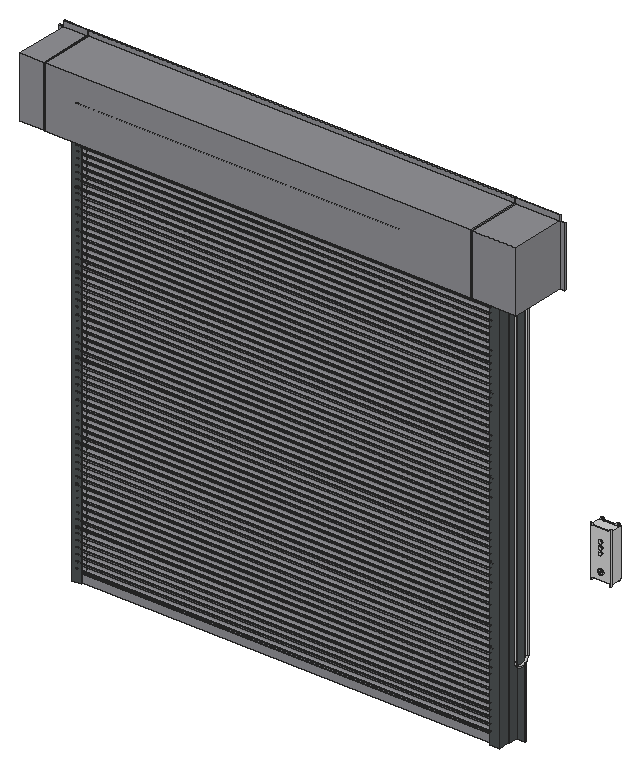
Revit family "Doors_Industrial_Overhead-Door-Corporation_EverServe-HD-Springless-Service-Doors-610S_", category Specialty Equipment, host Wall, Revit 2019
Family settings
  Host = Wall
  Round Connector Dimension = Use Diameter
  Part Type = Normal
  OmniClass Number = 23.30.10.21.34
  OmniClass Title = Industrial Doors
  Always vertical = Yes
  Cut with Voids When Loaded = Yes
  Shared = No
  Room Calculation Point = No
Parameters (values of type "208 volts, one phase, 60 Hz (208-240V range)")
  Warning Sign [instance] = if(Calculated Area > 683.00 SF, 1 = 1, 1 = 2)  # no
  Warning (Note) [instance] = if(Warning Sign, "The Door Area is out of the limit; please adjust accordingly. The maximum allowed area is 683 sq. ft.", if(Opening Height > 360", "Headroom Clearance Dimensions - out of the limits. Consult Factory", " "))  # " "
  Wall Thickness [instance] = 6"
  Voltage = 208 V
  True Opening Width [instance] = Clear Width  # 120"
  True Opening Height [instance] = Clear Height  # 120"
  Slat Type [instance] = if(Slat Option < 2, "C-187", if(Slat Option = 2, "C-275", "F-265"))  # "C-187"
  Slat Option [instance] = 1
  Slat Length [instance] = Clear Width + G Value * 2 - 1" / 2 * 2  # 126"
  Slat Height [instance] = if(Slat < 2, 11 9/32", if(Slat = 2, 13 3/4", 13 19/128"))  # 11 9/32"
  Slat [instance] = if(Slat Option < 2, 1, if(Slat Option = 2, 2, 3))  # 1
  Product Page URL = "https://www.overheaddoor.com/rolling-steel-service-doors-610S"
  Power Factor = 1
  Powder Coat (Note) = "PowderGuard® Premium powder coat finish options are available in approximately 200 colors as well as custom matching to specification. PowderGuard® Textured finish, a thicker, more scratch resistant coat, is available in 11 colors providing enhanced scratch resistance as well as aiding in hiding the dirt and blemishes that often occur in commercial environments.​"  # constant formula
  Opening Width Real [instance] = if(Opening Width > Max Opening Width, Max Opening Width, if(Opening Width < Min Opening Width, Min Opening Width, Opening Width))  # 120"
  Opening Width [instance] = 120"
  Opening Height Real [instance] = if(Opening Height > Max Opening Height, Max Opening Height, if(Opening Height < Min Opening Height, Min Opening Height, Opening Height))  # 120"
  Opening Height [instance] = 120"
  One Array element [instance] = not(Array Vis)  # no
  Number of Poles = 1
  Motor Position [instance] = M Value - G Value  # 2 3/4"
  Min Opening Width [instance] = 18"  # constant formula
  Min Opening Height [instance] = 24"  # constant formula
  Max Opening Width [instance] = 360"  # constant formula
  Max Opening Height [instance] = 240"  # constant formula
  Material Finish (Note) [instance] = "Perforation availible for F-265, C-275 Slat profile. Fenestration 5/8\"x3\" availible for C-275, F-265 Slat profile. Fenestration 1\"x10\" availible for F-265 Slat profile."  # constant formula
  Material Finish [instance] = 610S : Standard - Gray
  M Value [instance] = if(or(Opening Width < 108", Opening Width = 108"), 5 3/4", if(or(Opening Width < 180", Opening Width = 180"), 6 1/4", if(or(Opening Width < 240", Opening Width = 240"), 7 1/4", 9 1/4")))  # 6 1/4"
  Installation Real [instance] = Wall Thickness  # 6"
  Hood Type [instance] = "Square Hood"  # constant formula
  Hood Offset [instance] = 4"  # constant formula
  Hood Material [instance] = Metal - Overhead Door - Gray
  Hood Height [instance] = A Value + 2"  # 18"
  Headroom Height Real [instance] = Hood Offset + Hood Height  # 22"
  Headroom Height [instance] = Headroom Height Real + 1 1/2"  # 23 1/2"
  HC 4 [instance] = if(or(Clear Height < 84", Clear Height = 84"), 16", if(or(Clear Height < 132", Clear Height = 132"), 18", if(or(Clear Height < 192", Clear Height = 192"), 20", 22")))  # 18"
  HC 3 [instance] = if(or(Clear Height < 108", Clear Height = 108"), 16", if(or(Clear Height < 168", Clear Height = 168"), 18", 20"))  # 18"
  HC 2 [instance] = if(or(Clear Height < 60", Clear Height = 60"), 14", if(or(Clear Height < 120", Clear Height = 120"), 16", if(or(Clear Height < 180", Clear Height = 180"), 18", 20")))  # 16"
  HC 1 [instance] = if(or(Clear Height < 96", Clear Height = 96"), 14", if(or(Clear Height < 168", Clear Height = 168"), 16", 18"))  # 16"
  Guide Type [instance] = "Angled Z Guide"  # constant formula
  Guid Depth [instance] = D Value  # 6 1/4"
  G Value [instance] = if(or(Opening Width < 108", Opening Width = 108"), 3", if(or(Opening Width < 180", Opening Width = 180"), 3 1/2", if(or(Opening Width < 240", Opening Width = 240"), 4", 5 9/16")))  # 3 1/2"
  Frequency = 60 Hz
  Face of Wall Offset [instance] = 5"  # constant formula
  Door Width True [instance] = Clear Width + M Value * 2  # 132 1/2"
  Door Width (Real) [instance] = Clear Width + 1"  # 121"
  Door Height True [instance] = Clear Width + Headroom Height  # 143 1/2"
  Door Height (Real) [instance] = Clear Height + Hood Offset  # 124"
  URL = "https://www.overheaddoor.com/"
  Product data url = "https://www.bimobject.com/overhead-door/product/everserve-hd-springless-service-doors-610S"
  Product Guid = "91f23364-070f-47d8-95c2-9245370eaec4"
  Model = "610S"  # constant formula
  Manufacturer = "Overhead Door Corporation"  # constant formula
  Wall Closure = By host
  Floor To (CL) of Shaft [instance] = Clear Height + Hood Height / 2 + Hood Offset  # 133"
  Finish Material = Finish - Overhead Door - Black
  Description = "Everserve Model 610S Springless service door"  # constant formula
  D Value [instance] = if(or(Opening Width < 108", Opening Width = 108"), 5 11/16", if(or(Opening Width < 180", Opening Width = 180"), 6 1/4", if(or(Opening Width < 240", Opening Width = 240"), 6 3/16", 7 1/16")))  # 6 1/4"
  Clear Width [instance] = Opening Width Real  # 120"
  Clear Height [instance] = Opening Height Real  # 120"
  Current = 20 A
  Backroom Depth [instance] = A Value + 1/2"  # 16 1/2"
  BJ Displacement Real [instance] = 0"  # constant formula
  Array Vis [instance] = if(Array < 2, 1 = 2, 1 = 1)  # yes
  Array Real [instance] = if(Array < 2, 2, Array)  # 11
  Array Length [instance] = (Array) * Slat Height  # 124 3/32"
  Array [instance] = rounddown(([Door Height (Real)] - 3") / Slat Height) + 1  # 11
  Calculated Area [instance] = [Door Width (Real)] * [Door Height (Real)]  # 104.194 SF
  Apparent Load Phase 3 = if(Number of Poles = 1, 0 VA, (Voltage * Current * sqrt(3)) / 3)  # 0 VA
  Apparent Load Phase 2 = if(Number of Poles = 1, 0 VA, (Voltage * Current * sqrt(3)) / 3)  # 0 VA
  Apparent Load Phase 1 = if(Number of Poles = 1, Voltage * Current, (Voltage * Current * sqrt(3)) / 3)  # 4160 VA
  A Value [instance] = if(Slat = 1, HC 1, if(Slat = 2, HC 2, HC 3))  # 16"
Reference planes (in)
  plane 1 "Center (Front/Back)": y = -14.625
  plane 2 "Center (Left/Right)": x = 0
  plane 3 "Left": x = -60
  plane 4 "Right": x = 60
  plane 5 "Exterior": y = -8.625
  plane 6 "Interior": y = -14.625
  plane 7: x = 66.25
  plane 8: x = -66.25
  plane 9: z = 120
  plane 10 "Main": y = -20.23437
  plane 11 "Backroom Depth": y = -32.125
  plane 12 "Main Door Block": y = -15.625
  plane 13 "Bottom Bar": z = 2.75
  plane 14: y = -20.875
  plane 15: z = 126.84375
  plane 16: z = 142
  plane 17: z = 124
  plane 18: z = 143.5
  plane 19: z = 0
  plane 20: z = 60
  plane 21: y = -20.0625
  plane 22: y = 18.375
  plane 23: y = -41.625
  plane 24 "Double Main": y = -19.656
  plane 25 "Headroom Top": z = 143.5
  plane 26: z = 133
  plane 27: x = 63.5
  plane 28: x = -63.5
  plane 29: z = 115.5625
Forms (in)
  Extrusion 1, void
    sketch origin (0, -15.625, 0) x (0, 0, -1) y (-1, 0, 0)
      loop
        line (-120, 60) -> (-120, -60) -> (0, -60) -> (0, 60) -> (-120, 60)
    from 1 to 7
Text (in)
  text "Exterior" at (-74.96733, 27.31104, 0), in view "Ref. Level"
  text "Interior" at (-74.96733, -25.14366, 0), in view "Ref. Level"
  text "Exterior" at (0, 40.15149, 123.01588), in view "Right"
  text "Interior" at (0, -64.39139, 123.01588), in view "Right"
  text "Interior" at (0, -31.01599, 123.00693), in view "Left"
  text "Exterior" at (0, 54.57065, 123.00693), in view "Left"
Dimensions and locks (in)
  equal spacing: plane 3 "Left", plane 2 "Center (Left/Right)", plane 4 "Right"
  "Clear Width": plane 3 "Left" to plane 4 "Right"
  level to host wall = 459.59655"
  "Clear Height": level to plane 9
  plane 7 to plane 8 = 132 1/2"
  equal spacing: plane 7, plane 2 "Center (Left/Right)", plane 8
  locked: plane 13 "Bottom Bar" to level at 2.75
  "Door Width True": plane 7 to plane 8
  locked: plane 14 to plane 10 "Main" at 0.64063
  "Array Length": plane 15 to plane 13 "Bottom Bar"
  "Backroom Depth": plane 11 "Backroom Depth" to plane 12 "Main Door Block"
  "Hood Height": plane 16 to plane 17
  locked: plane 18 to plane 16 at 1.5
  "Installation Real": plane 1 "Center (Front/Back)" to plane 5 "Exterior"
  "Wall Thickness": host wall to host wall
  equal spacing: plane 9, plane 20, plane 19
  locked: plane 10 "Main" to plane 21 at 0.17187
  equal spacing: plane 22, host wall, plane 23
  locked: plane 22 to plane 23 at 60
  locked: plane 10 "Main" to plane 24 "Double Main" at 0.57837
  "Hood Offset": plane 17 to plane 9
  "Headroom Height": plane 25 "Headroom Top" to plane 9
  "Floor To (CL) of Shaft": plane 26 to level
  "Motor Position": plane 7 to plane 27
  "Motor Position": plane 28 to plane 8
  "Guid Depth": plane 14 to plane 1 "Center (Front/Back)"
  "Slat Height": plane 15 to plane 29
  equal spacing: group 2, group 11, group 10, group 9, group 8, group 7, group 6, group 5, group 4, group 3, group 1
  equal spacing: group 1, group 3, group 4, group 5, group 6, group 7, group 8, group 9, group 10, group 11, group 2  (x2)
  aligned and locked: plane 5 "Exterior" to host wall
  aligned and locked: host wall to plane 6 "Interior"
  aligned and locked: level to Extrusion 1 sketch curve
  aligned and locked: Extrusion 1 to plane 5 "Exterior"
  aligned and locked: plane 6 "Interior" to Extrusion 1
  aligned and locked: nested 1 to plane 2 "Center (Left/Right)"
  aligned and locked: nested 1 to level
  aligned and locked: level to plane 19
  aligned and locked: nested 1 to plane 1 "Center (Front/Back)"
  aligned and locked: plane 2 "Center (Left/Right)" to nested 2
  aligned and locked: nested 2 to plane 22
  aligned and locked: plane 23 to nested 3
  aligned and locked: nested 3 to plane 2 "Center (Left/Right)"
  aligned and locked: nested 4 to plane 20
  aligned and locked: plane 2 "Center (Left/Right)" to nested 4
  aligned and locked: plane 13 "Bottom Bar" to nested 5
  aligned and locked: plane 29 to nested 7
  aligned and locked: nested 7 to plane 21
  aligned and locked: plane 21 to nested 5
  aligned and locked: plane 13 "Bottom Bar" to nested 6
  aligned and locked: plane 21 to nested 6
  aligned and locked: nested 4 to plane 21
  aligned and locked: plane 4 "Right" to Extrusion 1 sketch curve
  aligned and locked: plane 3 "Left" to Extrusion 1 sketch curve
  aligned and locked: Extrusion 1 sketch curve to plane 9
Nested families (in)
  nested 1: "Lifts" at (0, -14.625, 0), type "Frame Unit"
    with Square Hood yes, Round Hood no, Right Motor Position yes, Octagon Hood no, No Hood no, M Value 6 1/4", Hood Offset 4", Headroom Height Real 22", G Value 3 1/2", Headroom Height 22", Guide Offset 3 1/2", Guide Z Wide 2 3/4", Floor To (CL) of Shaft 133", D Value 6 1/4"
  nested 2: "Label Annotation 1" at (0, 18.375, 0), visible <- "Warning Sign", type "Label Annotation 1"
  nested 3: "Label Annotation 1" at (0, -41.625, 0) x (-1, 0, 0) z (0, 0, 1), visible <- "Warning Sign", type "Label Annotation 1"
  nested 4: "Warning Sign" at (0, -20.0625, 60), visible <- "Warning Sign", type "Warning Sign"
    with Warning Sign no
  nested 5: "610S" at (0, -20.0625, 2.75), Slat Option <- "Slat Option", Opening Width <- "Slat Length", type <- "Material Finish", visible <- "Array Vis", type "Standard - Gray"
    with Void Offset 1", Void Height 1", Slat Width 0.53", Slat Position + Offset 12.174", Slat Position 11.28", Slat Option 1, Opening Width 126", Integrated Cutout no, F 265, FE 265 no, Cutout Width Offset 1", Cutout Vertical Offset 0.894", Cutout Horizontal Offset 1", C 275 no, C 187 Standard yes
  nested 6: "610S" at (0, -20.0625, 2.75), visible <- "One Array element", Slat Option <- "Slat Option", Opening Width <- "Slat Length", type <- "Material Finish", type "Standard - Gray"
    with Void Offset 1", Void Height 1", Slat Width 0.53", Slat Position + Offset 12.174", Slat Position 11.28", Slat Option 1, Opening Width 126", Integrated Cutout no, F 265, FE 265 no, Cutout Width Offset 1", Cutout Vertical Offset 0.894", Cutout Horizontal Offset 1", C 275 no, C 187 Standard yes
  nested 7: "610S" at (0, -20.0625, 115.5625), Slat Option <- "Slat Option", Opening Width <- "Slat Length", type <- "Material Finish", visible <- "Array Vis", type "Standard - Gray"
    with Void Offset 1", Void Height 1", Slat Width 0.53", Slat Position + Offset 12.174", Slat Position 11.28", Slat Option 1, Opening Width 126", Integrated Cutout no, F 265, FE 265 no, Cutout Width Offset 1", Cutout Vertical Offset 0.894", Cutout Horizontal Offset 1", C 275 no, C 187 Standard yes
  nested 8: "610S" at (0, -20.0625, 14.03125), Slat Option <- "Slat Option", Opening Width <- "Slat Length", type <- "Material Finish", visible <- "Array Vis", type "Standard - Gray"
    with Void Offset 1", Void Height 1", Slat Width 0.53", Slat Position + Offset 12.174", Slat Position 11.28", Slat Option 1, Opening Width 126", Integrated Cutout no, F 265, FE 265 no, Cutout Width Offset 1", Cutout Vertical Offset 0.894", Cutout Horizontal Offset 1", C 275 no, C 187 Standard yes
  nested 9: "610S" at (0, -20.0625, 25.3125), Slat Option <- "Slat Option", Opening Width <- "Slat Length", type <- "Material Finish", visible <- "Array Vis", type "Standard - Gray"
    with Void Offset 1", Void Height 1", Slat Width 0.53", Slat Position + Offset 12.174", Slat Position 11.28", Slat Option 1, Opening Width 126", Integrated Cutout no, F 265, FE 265 no, Cutout Width Offset 1", Cutout Vertical Offset 0.894", Cutout Horizontal Offset 1", C 275 no, C 187 Standard yes
  nested 10: "610S" at (0, -20.0625, 36.59375), Slat Option <- "Slat Option", Opening Width <- "Slat Length", type <- "Material Finish", visible <- "Array Vis", type "Standard - Gray"
    with Void Offset 1", Void Height 1", Slat Width 0.53", Slat Position + Offset 12.174", Slat Position 11.28", Slat Option 1, Opening Width 126", Integrated Cutout no, F 265, FE 265 no, Cutout Width Offset 1", Cutout Vertical Offset 0.894", Cutout Horizontal Offset 1", C 275 no, C 187 Standard yes
  nested 11: "610S" at (0, -20.0625, 47.875), Slat Option <- "Slat Option", Opening Width <- "Slat Length", type <- "Material Finish", visible <- "Array Vis", type "Standard - Gray"
    with Void Offset 1", Void Height 1", Slat Width 0.53", Slat Position + Offset 12.174", Slat Position 11.28", Slat Option 1, Opening Width 126", Integrated Cutout no, F 265, FE 265 no, Cutout Width Offset 1", Cutout Vertical Offset 0.894", Cutout Horizontal Offset 1", C 275 no, C 187 Standard yes
  nested 12: "610S" at (0, -20.0625, 59.15625), Slat Option <- "Slat Option", Opening Width <- "Slat Length", type <- "Material Finish", visible <- "Array Vis", type "Standard - Gray"
    with Void Offset 1", Void Height 1", Slat Width 0.53", Slat Position + Offset 12.174", Slat Position 11.28", Slat Option 1, Opening Width 126", Integrated Cutout no, F 265, FE 265 no, Cutout Width Offset 1", Cutout Vertical Offset 0.894", Cutout Horizontal Offset 1", C 275 no, C 187 Standard yes
  nested 13: "610S" at (0, -20.0625, 70.4375), Slat Option <- "Slat Option", Opening Width <- "Slat Length", type <- "Material Finish", visible <- "Array Vis", type "Standard - Gray"
    with Void Offset 1", Void Height 1", Slat Width 0.53", Slat Position + Offset 12.174", Slat Position 11.28", Slat Option 1, Opening Width 126", Integrated Cutout no, F 265, FE 265 no, Cutout Width Offset 1", Cutout Vertical Offset 0.894", Cutout Horizontal Offset 1", C 275 no, C 187 Standard yes
  nested 14: "610S" at (0, -20.0625, 81.71875), Slat Option <- "Slat Option", Opening Width <- "Slat Length", type <- "Material Finish", visible <- "Array Vis", type "Standard - Gray"
    with Void Offset 1", Void Height 1", Slat Width 0.53", Slat Position + Offset 12.174", Slat Position 11.28", Slat Option 1, Opening Width 126", Integrated Cutout no, F 265, FE 265 no, Cutout Width Offset 1", Cutout Vertical Offset 0.894", Cutout Horizontal Offset 1", C 275 no, C 187 Standard yes
  nested 15: "610S" at (0, -20.0625, 93), Slat Option <- "Slat Option", Opening Width <- "Slat Length", type <- "Material Finish", visible <- "Array Vis", type "Standard - Gray"
    with Void Offset 1", Void Height 1", Slat Width 0.53", Slat Position + Offset 12.174", Slat Position 11.28", Slat Option 1, Opening Width 126", Integrated Cutout no, F 265, FE 265 no, Cutout Width Offset 1", Cutout Vertical Offset 0.894", Cutout Horizontal Offset 1", C 275 no, C 187 Standard yes
  nested 16: "610S" at (0, -20.0625, 104.28125), Slat Option <- "Slat Option", Opening Width <- "Slat Length", type <- "Material Finish", visible <- "Array Vis", type "Standard - Gray"
    with Void Offset 1", Void Height 1", Slat Width 0.53", Slat Position + Offset 12.174", Slat Position 11.28", Slat Option 1, Opening Width 126", Integrated Cutout no, F 265, FE 265 no, Cutout Width Offset 1", Cutout Vertical Offset 0.894", Cutout Horizontal Offset 1", C 275 no, C 187 Standard yes
Connectors (in)
  electrical at (91.25, -17.915, 60), driven by "Apparent Load Phase 1", driven by "Apparent Load Phase 2", driven by "Apparent Load Phase 3", driven by "Power Factor", driven by "Voltage", driven by "Number of Poles"
    settings: on nested 1, index 1, voltage 208 V, apparent load 0 VA, apparent load phase1 4160 VA, apparent load phase2 0 VA, apparent load phase3 0 VA, power factor 1, load classification "Other", number of poles 1, system type 31, power factor state 1, is connector primary yes, connector utility no, sub classification motor no, connector description "Electrical Connector"
Definition of nested family "Lifts"
  Parameters (values of type "Frame Unit")
    True Width = if(Between Jambs, Opening Width, Opening Width + 1/2")  # 120 1/2"
    Square Hood [instance] = if(Hood Option = 2, 1 = 1, 1 = 2)  # yes
    Slat Option = 1
    Round Hood [instance] = if(Hood Option > 3, 1 = 1, 1 = 2)  # no
    Rough Width = 0"
    Rough Height = 0"
    Right Motor Position [instance] = yes
    Octagon Hood [instance] = if(Hood Option = 3, 1 = 1, 1 = 2)  # no
    No Hood [instance] = if(Hood Option < 2, 1 = 1, 1 = 2)  # no
    M Value = 7 1/2"
    Hood Type = if(Hood Option < 2, "No Hood", if(Hood Option = 2, "Square Hood", if(Hood Option = 3, "Octagon Hood", "Round Hood")))  # "Square Hood"
    Hood Option = 2
    Hood Offset = 3"
    Hood Height = Headroom Height Real - Hood Offset  # 18"
    Headroom Height Real = Headroom Height  # 21"
    Half Octagon Side = 3.41726"
    Half Hood Height = Headroom Height - Hood Offset  # 18"
    G Value = 4 1/2"
    E Guide Width = if(Between Jambs, Guide Offset - G Value + BJ Connection Length - BJ Displacement * 2 / 3, 3")  # 3"
    E Guide Height = 3"  # constant formula
    Z Guide = 1 = 1  # yes
    Slat Material = none
    Shaft Offset = if(Hood Height < Header Width, (Header Width - (Header Width - Hood Height)) / 2, Header Width / 2)  # 8 1/4"
    Shaft Material = none
    Shaft Length 2 = 18"  # constant formula
    Shaft Length 1 = 12"  # constant formula
    Setback = if(Between Jambs, 0", 1/2")  # 1/2"
    Opening Width = 120"
    Hood Material = none
    Headroom Height = 21"
    Header Width = 16 1/2"
    Opening Height = 120"
    Guide Type = if(Between Jambs, "Angled Between Jambs Z Guide", if(Guide Option > 1, "Angled Z Guide", "Angled E Guide"))  # "Angled Z Guide"
    Guide Option = if(Between Jambs, 1, 2)  # 2
    Guide Offset = BJ Displacement + G Value  # 4 1/2"
    Guide Z Wide = if(Between Jambs, Guide Offset - G Value + BJ Connection Length - BJ Displacement * 2 / 3, M Value - G Value)  # 3"
    Guide Z Height = 3"  # constant formula
    Floor To (CL) of Shaft = 132"
    Finish Material = none
    Face to Wall Mount = not(Between Jambs)  # yes
    E Guide = if(Between Jambs, 1 = 1, 1 = 2)  # no
    D Value = 5 3/16"
    Chain offset = if(Opening Height < 35", Opening Height - 5", 30")  # 30"
    Between Jambs = no
    BJ Position = if(Between Jambs, 1/4", 0")  # 0"
    BJ Displacement = 0"
    BJ Connection Length = 1 / 3 * BJ Displacement  # 0"
    Angled Guide = 1 = 1  # yes
    1 = 14.57"
  Reference planes (in)
    plane 1 "Center (Front/Back)": y = 0
    plane 2: z = 0
    plane 3 "Center (Left/Right)": x = 0
    plane 4 "Opening Height": z = 120
    plane 5: x = -72
    plane 6: x = 78
    plane 7: z = 141
    plane 8: y = 16.5
    plane 9 "Real Opening 2": x = -60
    plane 10 "Real Opening 1": x = 60
    plane 11: z = 123
    plane 12 "Main": y = 0
    plane 13: z = 132
    plane 14: x = 64.5
    plane 15: x = -64.5
    plane 16: x = -64.5
    plane 17: x = 64.5
    plane 18: y = 5.1875
    plane 19: x = -64.25
    plane 20: x = 64.25
    plane 21: z = 142.5
    plane 22: y = 5.1875
    plane 23: y = 4.0625
    plane 24: y = 5.1875
    plane 25: y = 4.0625
    plane 26: y = 0.25
    plane 27: z = 123
    plane 28: z = 30
    plane 29: z = 0
    plane 30: x = 74
    plane 31: x = 92.25
    plane 32: z = 60
    plane 33: x = 89.2
    plane 34: x = 95.3
    plane 35: y = 3.54
    plane 36: x = 76.25
    plane 37: x = -70.25
  Forms (in)
    Extrusion 1, solid, material <- "Slat Material"
      sketch origin (0, 0, 0) x (0, 1, 0) y (0, 0, 1)
        loop
          line (4.375, 2.375) -> (4.375, 2.75) -> (3.75, 2.75) -> (3.75, 2.375) -> (4.375, 2.375)
      from -64.25 to 64.25
    Extrusion 2, solid, material <- "Slat Material"
      sketch origin (0, 0, 0) x (0, 1, 0) y (0, 0, 1)
        loop
          line (4.375, 2.375) -> (3.75, 2.375) -> (3.75, 0) -> (4.375, 0) -> (4.375, 2.375)
      from -64.25 to 64.25
    Extrusion 3, solid, material <- "Shaft Material"
      sketch origin (0, -5.35201, 0) x (0, 1, 0) y (0, 0, 1)
        loop
          circle (13.60201, 132) r 0.6
      from -70.25 to 76.25
    Extrusion 4, solid, material <- "Hood Material", visible <- "Square Hood"
      sketch origin (0, 0, 0) x (0, 1, 0) y (0, 0, 1)
        loop
          line (0, 123) -> (16.5, 123) -> (16.5, 142.5) -> (0, 142.5) -> (0, 123)
      from -64.25 to 64.25
    Extrusion 5, solid, material <- "Finish Material", visible <- "E Guide"
      sketch origin (0, 0, 0) x (1, 0, 0) y (0, 1, 0)
        loop
          line (61.5, 0) -> (64.5, 0) -> (64.5, 3) -> (64.4375, 3)
          arc (64.4375, 3) -> (64.30492, 2.94508) -> (64.25, 2.8125) r 0.1875
          line (64.25, 2.8125) -> (64.25, 0.25) -> (61.6875, 0.25)
          arc (61.6875, 0.25) -> (61.55492, 0.19508) -> (61.5, 0.0625) r 0.1875
          line (61.5, 0.0625) -> (61.5, 0)
        loop
          line (-61.5, 0) -> (-61.5, 0.0625)
          arc (-61.5, 0.0625) -> (-61.55492, 0.19508) -> (-61.6875, 0.25) r 0.1875
          line (-61.6875, 0.25) -> (-64.25, 0.25) -> (-64.25, 2.8125)
          arc (-64.25, 2.8125) -> (-64.30492, 2.94508) -> (-64.4375, 3) r 0.1875
          line (-64.4375, 3) -> (-64.5, 3) -> (-64.5, 0) -> (-61.5, 0)
      from 0 to 123
    Extrusion 6, solid, material <- "Finish Material", visible <- "Z Guide"
      sketch origin (0, 0, 0) x (1, 0, 0) y (0, 1, 0)
        loop
          line (67.5, 0) -> (67.5, 0.062)
          arc (67.5, 0.062) -> (67.44494, 0.19494) -> (67.312, 0.25) r 0.188
          line (67.312, 0.25) -> (64.75, 0.25) -> (64.75, 2.812)
          arc (64.75, 2.812) -> (64.69494, 2.94494) -> (64.562, 3) r 0.188
          line (64.562, 3) -> (64.5, 3) -> (64.5, 0) -> (67.5, 0)
        loop
          line (-67.5, 0) -> (-64.5, 0) -> (-64.5, 3) -> (-64.562, 3)
          arc (-64.562, 3) -> (-64.69494, 2.94494) -> (-64.75, 2.812) r 0.188
          line (-64.75, 2.812) -> (-64.75, 0.25) -> (-67.312, 0.25)
          arc (-67.312, 0.25) -> (-67.44494, 0.19494) -> (-67.5, 0.062) r 0.188
          line (-67.5, 0.062) -> (-67.5, 0)
      from 0 to 123
    Extrusion 7, solid, material <- "Finish Material", visible <- "Angled Guide"
      sketch origin (0, 0, 0) x (1, 0, 0) y (0, 1, 0)
        loop
          line (60.5, 5.1875) -> (60.5, 5.1245)
          arc (60.5, 5.1245) -> (60.55477, 4.99227) -> (60.687, 4.9375) r 0.187
          line (60.687, 4.9375) -> (64.25, 4.9375) -> (64.25, 3.1875) -> (60.5, 3.1875) -> (60.5, 3.1245)
          arc (60.5, 3.1245) -> (60.55477, 2.99227) -> (60.687, 2.9375) r 0.187
          line (60.687, 2.9375) -> (64, 2.9375) -> (64, 1.25) -> (64.25, 1.25) -> (64.25, 0.9375) -> (64.5, 0.9375) -> (64.5, 5.1875) -> (60.5, 5.1875)
        loop
          line (-60.5, 5.1875) -> (-64.5, 5.1875) -> (-64.5, 0.9375) -> (-64.25, 0.9375) -> (-64.25, 1.25) -> (-64, 1.25) -> (-64, 2.9375) -> (-60.687, 2.9375)
          arc (-60.687, 2.9375) -> (-60.55477, 2.99227) -> (-60.5, 3.1245) r 0.187
          line (-60.5, 3.1245) -> (-60.5, 3.1875) -> (-64.25, 3.1875) -> (-64.25, 4.9375) -> (-60.687, 4.9375)
          arc (-60.687, 4.9375) -> (-60.55477, 4.99227) -> (-60.5, 5.1245) r 0.187
          line (-60.5, 5.1245) -> (-60.5, 5.1875)
      from 0 to 123
    Extrusion 8, solid, material <- "Hood Material"
      sketch origin (0, 0, 0) x (-1, 0, 0) y (0, 0, 1)
        loop
          line (64.25, 123) -> (64.5, 123) -> (64.5, 141) -> (64.25, 141) -> (64.25, 123)
        loop
          line (-64.5, 123) -> (-64.25, 123) -> (-64.25, 141) -> (-64.5, 141) -> (-64.5, 123)
      from 0 to 16.5
    Extrusion 9, solid, material <- "Hood Material"
      sketch origin (0, 0, 0) x (1, 0, 0) y (0, 1, 0)
        loop
          line (-72, 0) -> (-64.5, 0) -> (-64.5, 16.5) -> (-72, 16.5) -> (-72, 0)
        loop
          line (78, 0) -> (78, 16.5) -> (64.5, 16.5) -> (64.5, 0) -> (78, 0)
      from 123 to 142.5
    Extrusion 10, void
      sketch origin (0, 0, 0) x (1, 0, 0) y (0, 0, 1)
        loop
          line (-72, 142.5) -> (-72, 123) -> (-70.5, 123) -> (-70.5, 141) -> (76.5, 141) -> (76.5, 120) -> (78, 120) -> (78, 142.5) -> (-72, 142.5)
      from -0.25 to -16.5
    Extrusion 11, void
      sketch origin (0, 0, 0) x (1, 0, 0) y (0, 0, 1)
        loop
          line (-72, 141) -> (-70.5, 141) -> (-70.5, 142.5) -> (-72, 142.5) -> (-72, 141)
        loop
          line (78, 141) -> (78, 142.5) -> (76.5, 142.5) -> (76.5, 141) -> (78, 141)
      from 0 to -0.25
    Sweep 12, solid
      path origin (74, -12.75, 1000) x (0, -1, 0) y (0, 0, 1)
        loop
          line (-26.53866, -877) -> (-26.53866, -970)
          arc (-26.53866, -970) -> (-24.10116, -972.4375) -> (-21.66366, -970) r 2.4375
          line (-21.66366, -970) -> (-21.66366, -877)
      profile origin (74, 13.78866, 76.5) x (-1, 0, 0) y (0, -1, 0)
        loop
          circle (0, 0.2675) r 0.2675
    Extrusion 13, solid
      sketch origin (92.25, 0, 60) x (1, 0, 0) y (0, 0, 1)
        loop
          line (-3.05, 6.9501) -> (-3.05, -6.9501) -> (-2.68608, -7.50057)
          arc (-2.68608, -7.50057) -> (-2.29289, -7.67009) -> (-1.98022, -7.37757) r 0.3909
          arc (-1.98022, -7.37757) -> (-1.82768, -7.14063) -> (-1.56135, -7.04853) r 0.43113
          line (-1.56135, -7.04853) -> (1.56135, -7.04853)
          arc (1.56135, -7.04853) -> (1.82768, -7.14063) -> (1.98022, -7.37757) r 0.43113
          arc (1.98022, -7.37757) -> (2.29289, -7.67009) -> (2.68608, -7.50057) r 0.3909
          line (2.68608, -7.50057) -> (3.05, -6.9501) -> (3.05, 6.9501) -> (2.68608, 7.50057)
          arc (2.68608, 7.50057) -> (2.29289, 7.67009) -> (1.98022, 7.37757) r 0.3909
          arc (1.98022, 7.37757) -> (1.82768, 7.14063) -> (1.56135, 7.04853) r 0.43113
          line (1.56135, 7.04853) -> (-1.56135, 7.04853)
          arc (-1.56135, 7.04853) -> (-1.82768, 7.14063) -> (-1.98022, 7.37757) r 0.43113
          arc (-1.98022, 7.37757) -> (-2.29289, 7.67009) -> (-2.68608, 7.50057) r 0.3909
          line (-2.68608, 7.50057) -> (-3.05, 6.9501)
      from 0 to -3.29
    Extrusion 14, solid
      sketch origin (92.25, 0, 60) x (1, 0, 0) y (0, 0, 1)
        loop
          line (3.05, -7.50057) -> (3.05, 7.50057) -> (2.68608, 7.50057) -> (2.68608, 6.9501) -> (-2.68608, 6.9501) -> (-2.68608, 7.50057) -> (-3.05, 7.50057) -> (-3.05, -7.50057) -> (-2.68608, -7.50057) -> (-2.68608, -6.9501) -> (2.68608, -6.9501) -> (2.68608, -7.50057) -> (3.05, -7.50057)
      from -3.54 to -3.29
    Extrusion 15, void
      sketch origin (101.25, 0, 60) x (0, -1, 0) y (0, 0, -1)
        loop
          line (-3.29, -7.6759) -> (-0.25, -7.6759) -> (-0.25, -6.9501) -> (-3.29, -6.9501) -> (-3.29, -7.6759)
        loop
          line (-3.29, 7.6759) -> (-3.29, 6.9501) -> (-0.25, 6.9501) -> (-0.25, 7.6759) -> (-3.29, 7.6759)
      from -12.05 to -5.95
    Extrusion 16, solid
      sketch origin (92.25, 0, 60) x (1, 0, 0) y (0, 0, 1)
        loop
          circle (0, -4.5) r 0.75
        loop
          circle (0, 3.35363) r 0.5
        loop
          circle (0, 1.85363) r 0.5
        loop
          circle (0, 0.35363) r 0.5
      from -3.54 to -3.66
    Extrusion 17, solid
      sketch origin (92.25, 0, 59.5) x (1, 0, 0) y (0, 0, 1)
        loop
          line (-0.6134, -3.85528) -> (-0.6134, -4.14472) -> (1.1366, -4.14472) -> (1.1366, -3.85528) -> (-0.6134, -3.85528)
      from -3.66 to -4.03743
  Cuts and joins
    Extrusion 10, Extrusion 11 cuts Extrusion 9
    Extrusion 10 cuts Extrusion 4
    Extrusion 15 cuts Extrusion 13
  Lines and regions (in)
    Masking region 1
      outline origin (0, 0, 0) x (1, 0, 0) y (0, 1, 0)
        loop
          line (-64.5, 16.5) -> (-64.5, 0) -> (64.5, 0) -> (64.5, 16.5) -> (-64.5, 16.5)
    Masking region 2
      outline origin (0, 0, 0) x (1, 0, 0) y (0, 1, 0)
        loop
          line (64.5, 0) -> (78, 0) -> (78, 0.25) -> (76.5, 0.25) -> (76.5, 16.5) -> (64.5, 16.5) -> (64.5, 0)
        loop
          line (-64.5, 0) -> (-64.5, 16.5) -> (-70.5, 16.5) -> (-70.5, 0.25) -> (-72, 0.25) -> (-72, 0) -> (-64.5, 0)
    Masking region 3
      outline origin (0, 0, 0) x (1, 0, 0) y (0, 1, 0)
        loop
          line (89.2, 3.54) -> (89.2, 0) -> (95.3, 0) -> (95.3, 3.54) -> (89.2, 3.54)
    Masking region 4
      outline origin (92.25, 0, 60) x (0, -1, 0) y (1, 0, 0)
        loop
          line (-3.54, -0.75) -> (-3.54, 0.75) -> (-3.66, 0.75) -> (-3.66, 1.1366) -> (-4.03743, 1.1366) -> (-4.03743, -0.6134) -> (-3.66, -0.6134) -> (-3.66, -0.75) -> (-3.54, -0.75)
    symbolic lines
      curve 1: line (-64.25, 0, 0) -> (-64.25, 16.5, 0)
      curve 2: line (64.25, 16.5, 0) -> (64.25, 0, 0)
      curve 4: line (-72, 0.25, 0) -> (78, 0.25, 0)
      curve 6: line (89.2, 3.29, 0) -> (95.3, 3.29, 0)
      curve 7: line (89.2, 0.25, 0) -> (95.3, 0.25, 0)
      curve 8: line (91.5, 3.66, 60) -> (93.3866, 3.66, 60)
    symbolic lines, visible <- "Octagon Hood"
      curve 3: line (-64.25, 12.69239, 0) -> (64.25, 12.69239, 0)
    reference lines
      curve 5: line (92.25, 0, 60) -> (101.25, 0, 60)
  Dimensions and locks (in)
    Extrusion 1 sketch curve to level = 2 3/8"
    locked: Extrusion 1 sketch curve to Extrusion 1 sketch curve at 0.625
    locked: Extrusion 2 sketch curve to level at 2.375
    "Headroom Height Real": plane 7 to plane 4 "Opening Height"
    plane 8 to plane 1 "Center (Front/Back)" = 16 1/2"
    "Opening Height": plane 4 "Opening Height" to level
    "Hood Offset": plane 11 to plane 4 "Opening Height"
    "BJ Position": plane 12 "Main" to plane 1 "Center (Front/Back)"
    "Header Width": plane 12 "Main" to plane 8
    "Floor To (CL) of Shaft": plane 13 to level
    "Shaft Offset": Extrusion 3 sketch curve to plane 8
    locked: Extrusion 2 sketch curve to Extrusion 2 sketch curve at 0.625
    "Guide Offset": plane 10 "Real Opening 1" to plane 14
    "Guide Offset": plane 15 to plane 9 "Real Opening 2"
    locked: Extrusion 5 sketch curve to Extrusion 5 sketch curve at 0.25  (x4)
    "E Guide Height": Extrusion 5 sketch curve to Extrusion 5 sketch curve  (x2)
    "E Guide Width": Extrusion 5 sketch curve to Extrusion 5 sketch curve  (x2)
    locked: Extrusion 6 sketch curve to Extrusion 6 sketch curve at 0.25  (x4)
    "Guide Z Wide": Extrusion 6 sketch curve to Extrusion 6 sketch curve  (x2)
    "Guide Z Height": Extrusion 6 sketch curve to Extrusion 6 sketch curve  (x2)
    locked: Extrusion 7 sketch curve to Extrusion 7 sketch curve at 0.25  (x8)
    locked: Extrusion 7 sketch curve to Extrusion 7 sketch curve at 2.25  (x2)
    locked: Extrusion 7 sketch curve to Extrusion 7 sketch curve at 4.25  (x2)
    locked: Extrusion 7 sketch curve to Extrusion 7 sketch curve at 0.3125  (x2)
    "Setback": plane 10 "Real Opening 1" to Extrusion 7 sketch curve
    "Setback": Extrusion 7 sketch curve to plane 9 "Real Opening 2"
    equal spacing: plane 15, plane 3 "Center (Left/Right)", plane 14
    "G Value": Extrusion 6 sketch curve to plane 9 "Real Opening 2"
    "G Value": plane 10 "Real Opening 1" to Extrusion 6 sketch curve
    "G Value": plane 10 "Real Opening 1" to plane 17
    "G Value": plane 16 to plane 9 "Real Opening 2"
    "Shaft Length 1": plane 5 to plane 9 "Real Opening 2"
    "Shaft Length 2": plane 6 to plane 10 "Real Opening 1"
    locked: Extrusion 2 to plane 17 at 0.25
    locked: Extrusion 2 to plane 16 at 0.25
    locked: plane 16 to plane 19 at 0.25
    locked: plane 20 to plane 17 at 0.25
    equal spacing: plane 9 "Real Opening 2", plane 3 "Center (Left/Right)", plane 10 "Real Opening 1"
    "Opening Width": plane 9 "Real Opening 2" to plane 10 "Real Opening 1"
    locked: plane 21 to plane 7 at 1.5
    "D Value": plane 1 "Center (Front/Back)" to plane 18
    "D Value": plane 22 to plane 1 "Center (Front/Back)"
    locked: plane 22 to plane 23 at 1.125
    equal spacing: Extrusion 1 sketch curve, plane 23, Extrusion 1 sketch curve
    "D Value": plane 24 to plane 1 "Center (Front/Back)"
    locked: plane 24 to plane 25 at 1.125
    equal spacing: Extrusion 2 sketch curve, plane 25, Extrusion 2 sketch curve
    "G Value": plane 10 "Real Opening 1" to Extrusion 7 sketch curve
    "G Value": Extrusion 7 sketch curve to plane 9 "Real Opening 2"
    locked: Extrusion 10 sketch curve to Extrusion 10 sketch curve at 1.5  (x2)
    locked: plane 26 to plane 12 "Main" at 0.25
    locked: Extrusion 11 sketch curve to Extrusion 11 sketch curve at 1.5  (x2)
    "Chain offset": plane 28 to plane 29
    locked: plane 30 to plane 6 at 4
    locked: plane 20 to plane 31 at 28
    locked: plane 32 to level at 60
    locked: curve 5 to curve 5 at 9
    plane 1 "Center (Front/Back)" to plane 35 = 3.54"
    equal spacing: plane 33, plane 31, plane 34
    locked: plane 33 to plane 34 at 6.1
    locked: plane 5 to plane 37 at 1.75
    locked: plane 36 to plane 6 at 1.75
    radius of Extrusion 5 sketch curve = 3/16"  (x4)
    radius of Extrusion 6 sketch curve = 0.188"  (x4)
    locked: Extrusion 7 sketch curve to Extrusion 7 sketch curve (radius 0.187")  (x4)
    aligned and locked: plane 2 to level
    aligned and locked: Extrusion 4 sketch curve to plane 8
    aligned and locked: plane 13 to Extrusion 3 sketch curve
    aligned and locked: plane 12 "Main" to Extrusion 5 sketch curve  (x2)
    aligned and locked: Extrusion 5 sketch curve to plane 14
    aligned and locked: plane 15 to Extrusion 5 sketch curve
    aligned and locked: Extrusion 6 sketch curve to plane 1 "Center (Front/Back)"  (x2)
    aligned and locked: Extrusion 7 sketch curve to Extrusion 7 sketch curve  (x4)
    aligned and locked: plane 18 to Extrusion 7 sketch curve
    aligned and locked: Extrusion 7 sketch curve to plane 18
    aligned and locked: plane 12 "Main" to Extrusion 4 sketch curve
    aligned and locked: Extrusion 8 sketch curve to plane 11  (x2)
    aligned and locked: Extrusion 8 sketch curve to plane 7  (x2)
    aligned and locked: plane 16 to Extrusion 8 sketch curve
    aligned and locked: Extrusion 8 sketch curve to plane 17
    aligned and locked: Masking region 1 sketch curve to Extrusion 4
    aligned and locked: Masking region 1 to curve 2  (x2)
    aligned and locked: Masking region 1 to curve 1  (x2)
    aligned and locked: Extrusion 2 to Extrusion 1
    aligned and locked: Extrusion 1 to Extrusion 2
    aligned and locked: Masking region 1 to plane 16
    aligned and locked: Masking region 1 to plane 17
    aligned and locked: plane 19 to Extrusion 8 sketch curve
    aligned and locked: plane 20 to Extrusion 8 sketch curve
    aligned and locked: plane 19 to Extrusion 4
    aligned and locked: Extrusion 4 to plane 20
    aligned and locked: plane 8 to Extrusion 8
    aligned and locked: plane 19 to curve 3
    aligned and locked: plane 20 to curve 3
    aligned and locked: Extrusion 4 sketch curve to plane 11
    aligned and locked: Extrusion 6 to plane 11
    aligned and locked: plane 11 to Extrusion 5
    aligned and locked: plane 11 to Extrusion 7
    aligned and locked: Extrusion 9 sketch curve to plane 5
    aligned and locked: plane 16 to Extrusion 9 sketch curve
    aligned and locked: plane 1 "Center (Front/Back)" to Extrusion 9 sketch curve
    aligned and locked: Extrusion 9 sketch curve to plane 8  (x2)
    aligned and locked: Extrusion 9 sketch curve to plane 6
    aligned and locked: Extrusion 9 sketch curve to plane 14
    aligned and locked: Extrusion 9 sketch curve to plane 1 "Center (Front/Back)"
    aligned and locked: Extrusion 9 to plane 11
    aligned and locked: Extrusion 9 to plane 21
    aligned and locked: Extrusion 10 sketch curve to plane 21
    aligned and locked: Extrusion 10 sketch curve to plane 7
    aligned and locked: Extrusion 10 sketch curve to plane 5
    aligned and locked: Extrusion 10 sketch curve to plane 6
    aligned and locked: Extrusion 10 sketch curve to plane 11
    aligned and locked: Extrusion 10 sketch curve to plane 4 "Opening Height"
    aligned and locked: Extrusion 10 to plane 8
    aligned and locked: Extrusion 10 to plane 26
    aligned and locked: Extrusion 4 sketch curve to plane 21
    aligned and locked: Extrusion 11 sketch curve to plane 5
    aligned and locked: Extrusion 11 sketch curve to plane 6
    aligned and locked: Extrusion 11 sketch curve to plane 7
    aligned and locked: Extrusion 11 sketch curve to plane 21
    aligned and locked: plane 21 to Extrusion 11 sketch curve
    aligned and locked: plane 7 to Extrusion 11 sketch curve
    aligned and locked: plane 26 to Extrusion 11
    aligned and locked: Extrusion 11 to plane 1 "Center (Front/Back)"
    aligned and locked: Masking region 2 sketch curve to plane 14
    aligned and locked: Masking region 2 sketch curve to cut or joined group of Extrusion 9, Extrusion 10, Extrusion 11  (x5)
    aligned and locked: cut or joined group of Extrusion 9, Extrusion 10, Extrusion 11 to Masking region 2 sketch curve
    aligned and locked: Masking region 2 sketch curve to plane 6
    aligned and locked: plane 16 to Masking region 2 sketch curve
    aligned and locked: Masking region 2 sketch curve to plane 26
    aligned and locked: Masking region 2 sketch curve to plane 5
    aligned and locked: plane 1 "Center (Front/Back)" to Masking region 2 sketch curve
    aligned and locked: curve 4 to plane 26
    aligned and locked: plane 5 to curve 4
    aligned and locked: plane 27 to Sweep 12 sketch curve  (x2)
    aligned and locked: plane 28 to Sweep 12 sketch curve  (x2)
    aligned and locked: plane 11 to plane 27
    aligned and locked: level to plane 29
    aligned and locked: plane 31 to curve 5
    aligned and locked: curve 5 to plane 32
    aligned and locked: Extrusion 3 to plane 36
    aligned and locked: plane 37 to Extrusion 3
    aligned and locked: plane 35 to Masking region 3
    aligned and locked: plane 1 "Center (Front/Back)" to Extrusion 13
    aligned and locked: Extrusion 13 sketch curve to plane 34
    aligned and locked: Extrusion 13 sketch curve to plane 33
    aligned and locked: plane 34 to Masking region 3 sketch curve
    aligned and locked: Masking region 3 sketch curve to plane 33
    aligned and locked: Masking region 3 sketch curve to plane 35
    aligned and locked: plane 33 to Extrusion 15
    aligned and locked: Extrusion 15 to plane 34
    aligned and locked: plane 33 to curve 6
    aligned and locked: plane 34 to curve 6
    aligned and locked: plane 33 to curve 7
    aligned and locked: plane 34 to curve 7
  Automatic sketch dimensions
    Extrusion 14 sketch curve to curve 5 = 3.05"
    Extrusion 14 sketch curve to Extrusion 14 sketch curve = 0.36392"  (x4)
    curve 5 to Extrusion 14 sketch curve = 2.68608"
    Extrusion 14 sketch curve to curve 5 = 7.50057"
    Extrusion 14 sketch curve to Extrusion 14 sketch curve = 0.55048"  (x4)
    curve 5 to Extrusion 14 sketch curve = 6.9501"
    Masking region 1 sketch curve to plane 1 "Center (Front/Back)" = 0"
    Masking region 1 sketch curve to plane 15 = 0"
    Masking region 1 sketch curve to plane 14 = 0"
    Sweep 12 sketch curve to plane 8 = 2.71134"
    Sweep 12 sketch curve to Sweep 12 sketch curve = 2 7/16"
    Sweep 12 sketch curve to profile plane = 0"
    Sweep 12 sketch curve to profile plane = 0.2675"
    Extrusion 13 sketch curve to Extrusion 13 sketch curve = 0.36392"  (x2)
    Extrusion 13 sketch curve to Extrusion 13 sketch curve = 0.32608"  (x4)
    Extrusion 13 sketch curve to Extrusion 13 sketch curve = 0.79865"  (x2)
    Extrusion 13 sketch curve to Extrusion 13 sketch curve = 1.48865"
    curve 5 to Extrusion 13 sketch curve = 1.56135"
    Extrusion 13 sketch curve to Extrusion 13 sketch curve = 0.69"  (x2)
    Extrusion 13 sketch curve to curve 5 = 7.50057"  (x2)
    Extrusion 13 sketch curve to Extrusion 13 sketch curve = 0.0209"  (x2)
    Extrusion 13 sketch curve to Extrusion 13 sketch curve = 0.21557"  (x4)
    Extrusion 13 sketch curve to Extrusion 13 sketch curve = 0.43113"  (x3)
    Extrusion 13 sketch curve to Extrusion 13 sketch curve = 0.55048"  (x2)
    curve 5 to Extrusion 13 sketch curve = 6.9501"  (x2)
    Extrusion 13 sketch curve to Extrusion 13 sketch curve = 0.09844"
    Extrusion 13 sketch curve to Extrusion 13 sketch curve = 0.3349"  (x2)
    Extrusion 15 sketch curve to plane 26 = 0"  (x2)
    Extrusion 15 sketch curve to plane 35 = 1/4"  (x2)
    plane 32 to Extrusion 15 sketch curve = 7.6759"
    Extrusion 15 sketch curve to Extrusion 15 sketch curve = 0.7258"  (x2)
    Extrusion 15 sketch curve to plane 32 = 6.9501"
    Extrusion 17 sketch curve to curve 5 = 0.6134"
    curve 5 to Extrusion 17 sketch curve = 1.1366"
    Extrusion 17 sketch curve to curve 5 = 4.64472"
    Extrusion 17 sketch curve to Extrusion 17 sketch curve = 0.28943"
    Extrusion 16 sketch curve to curve 5 = 0"  (x3)
    curve 5 to Extrusion 16 sketch curve = 0"
    curve 5 to Extrusion 16 sketch curve = 0.35363"
    curve 5 to Extrusion 16 sketch curve = 1.85363"
    curve 5 to Extrusion 16 sketch curve = 3.35363"
    Extrusion 16 sketch curve to curve 5 = 4 1/2"
    plane 1 "Center (Front/Back)" to Masking region 3 sketch curve = 0"
    curve 4 to plane 6 = 0"
    curve 7 to plane 26 = 0"
    curve 6 to plane 35 = 1/4"
    curve 3 to curve 1 = 3.80761"
    Masking region 4 sketch curve to curve 5 = 4.03743"
    Masking region 4 sketch curve to Masking region 4 sketch curve = 0.37743"
    Masking region 4 sketch curve to curve 5 = 3/4"
    Masking region 4 sketch curve to Masking region 4 sketch curve = 0.1366"
    curve 5 to Masking region 4 sketch curve = 3/4"
    Masking region 4 sketch curve to Masking region 4 sketch curve = 0.3866"
    Masking region 4 sketch curve to Masking region 4 sketch curve = 0.12"  (x2)
    curve 8 to curve 5 = 3.66"
    curve 8 to curve 5 = 3/4"
    curve 5 to curve 8 = 1.1366"
    Extrusion 1 sketch curve to Extrusion 1 sketch curve = 3/8"
    Extrusion 2 sketch curve to level = 0"
    radius of Extrusion 3 sketch curve = 0.6"
    radius of Sweep 12 sketch curve = 0.2675"
    radius of Extrusion 16 sketch curve = 3/4"
    radius of Extrusion 16 sketch curve = 1/2"  (x3)
Definition of nested family "610S"
  Parameters (values of type "Perforated - Gray")
    Void Offset [instance] = if(Integrated Cutout, 0", 1")  # 1"
    Void Height [instance] = if(and(C 275, Perforation), 1.155", if(and([F 265, FE 265], Perforation), 2.3", 1"))  # 1"
    Standard = no
    Slat Width [instance] = if(Slat Option < 2, 0.53", if(Slat Option = 2, 0.88", 0.63"))  # 0.53"
    Slat Position + Offset [instance] = Slat Position + Cutout Vertical Offset  # 12.174"
    Slat Position [instance] = if(Slat Option < 2, 1.88" * 6, if(Slat Option = 2, 2 3/4" * 5, 2.63" * 5))  # 11.28"
    Slat Option [instance] = 1
    Rough Height = 0"
    Perforation = yes
    Fenestration Small = no
    Fenestration Large = no
    Cutout Width Offset [instance] = 1"  # constant formula
    Cutout Material 2 = none
    Cutout Horizontal Offset [instance] = if(Slat Option = 2, 0.847", 1")  # 1"
    Cutout Material = none
    Panel Material = none
    Opening Width [instance] = 123 5/8"
    Cutout Vertical Offset [instance] = if(Slat Option = 2, 1.59", 0.894")  # 0.894"
    F 265, FE 265 [instance] = if(Slat Option > 2, 1 = 1, 1 = 2)  # no
    Default Elevation = 48"
    Integrated Cutout [instance] = if(and(or(Perforation, Fenestration Small), Slat Option > 1), 1 = 1, if(and(Fenestration Large, Slat Option > 2), 1 = 1, 1 = 2))  # no
    C 275 [instance] = if(Slat Option = 2, 1 = 1, 1 = 2)  # no
    C 187 Standard [instance] = if(Slat Option < 2, 1 = 1, 1 = 2)  # yes
    Analytic Construction = "<None>"
  Types (13): name | Standard | Perforation | Fenestration Small | Fenestration Large
    Standard - White | yes | no | no | no
    Standard - Tan | yes | no | no | no
    Standard - Brown | yes | no | no | no
    Standard - Gray | yes | no | no | no
    Perforated - Gray | no | yes | no | no
    Fenestration Small - White | no | no | yes | no
    Fenestration Small - Tan | no | no | yes | no
    Fenestration Small - Gray | no | no | yes | no
    Fenestration Small - Brown | no | no | yes | no
    Fenestration Large - Brown | no | no | no | yes
    Fenestration Large - White | no | no | no | yes
    Fenestration Large - Tan | no | no | no | yes
    Fenestration Large - Gray | no | no | no | yes
  Reference planes (in)
    plane 1 "Center (Front/Back)": y = 0
    plane 2: z = 0
    plane 3 "Center (Left/Right)": x = 0
    plane 4: x = -61.8125
    plane 5: x = 61.8125
    plane 6: y = 0.53
    plane 7: y = 0
    plane 8: y = 0.265
    plane 9: y = 0.5
    plane 10: x = -60.8125
    plane 11: x = 60.8125
  Forms (in)
    Extrusion 1, solid, material <- "Panel Material", visible <- "C 187 Standard"
      sketch origin (0, -4.98186, 11.30942) x (0, 1, 0) y (0, 0, 1)
        loop
          arc (5.13374, -0.19852) -> (5.22413, 0.04375) -> (4.98186, -0.04664) r 0.14213
          arc (4.98186, -0.04664) -> (5.00563, -0.16042) -> (5.08572, -0.24466) r 0.21243
          arc (5.08572, -0.24466) -> (5.4383, -0.89756) -> (5.02595, -1.51447) r 0.71901
          arc (5.02595, -1.51447) -> (4.97908, -1.58828) -> (5.02595, -1.6621) r 0.08156
          arc (5.02595, -1.6621) -> (5.11263, -1.7164) -> (5.18387, -1.78979) r 0.42621
          arc (5.18387, -1.78979) -> (4.98591, -1.90085) -> (5.06579, -2.11331) r 0.17419
          arc (5.06579, -2.11331) -> (5.43875, -2.76611) -> (5.02595, -3.39447) r 0.71901
          arc (5.02595, -3.39447) -> (4.97908, -3.46828) -> (5.02595, -3.5421) r 0.08156
          arc (5.02595, -3.5421) -> (5.11263, -3.5964) -> (5.18387, -3.66979) r 0.42621
          arc (5.18387, -3.66979) -> (4.98591, -3.78085) -> (5.06579, -3.99331) r 0.17419
          arc (5.06579, -3.99331) -> (5.43875, -4.64611) -> (5.02595, -5.27447) r 0.71901
          arc (5.02595, -5.27447) -> (4.97908, -5.34828) -> (5.02595, -5.4221) r 0.08156
          arc (5.02595, -5.4221) -> (5.11263, -5.4764) -> (5.18387, -5.54979) r 0.42621
          arc (5.18387, -5.54979) -> (4.98591, -5.66085) -> (5.06579, -5.87331) r 0.17419
          arc (5.06579, -5.87331) -> (5.43875, -6.52611) -> (5.02595, -7.15447) r 0.71901
          arc (5.02595, -7.15447) -> (4.97908, -7.22828) -> (5.02595, -7.3021) r 0.08156
          arc (5.02595, -7.3021) -> (5.11263, -7.3564) -> (5.18387, -7.42979) r 0.42621
          arc (5.18387, -7.42979) -> (4.98591, -7.54085) -> (5.06579, -7.75331) r 0.17419
          arc (5.06579, -7.75331) -> (5.43875, -8.40611) -> (5.02595, -9.03447) r 0.71901
          arc (5.02595, -9.03447) -> (4.97908, -9.10828) -> (5.02595, -9.1821) r 0.08156
          arc (5.02595, -9.1821) -> (5.11263, -9.2364) -> (5.18387, -9.30979) r 0.42621
          arc (5.18387, -9.30979) -> (4.98591, -9.42085) -> (5.06579, -9.63331) r 0.17419
          arc (5.06579, -9.63331) -> (5.43875, -10.28611) -> (5.02595, -10.91447) r 0.71901
          arc (5.02595, -10.91447) -> (4.97908, -10.98828) -> (5.02595, -11.0621) r 0.08156
          arc (5.02595, -11.0621) -> (5.11263, -11.1164) -> (5.18387, -11.18979) r 0.42621
          arc (5.18387, -11.18979) -> (4.98464, -11.27401) -> (5.11521, -11.44645) r 0.13704
          arc (5.11521, -11.44645) -> (5.2675, -11.35269) -> (5.24767, -11.17496) r 0.167
          arc (5.24767, -11.17496) -> (5.15003, -11.06824) -> (5.03941, -10.97505) r 1.11641
          arc (5.03941, -10.97505) -> (5.51106, -10.31587) -> (5.13374, -9.59852) r 0.77203
          arc (5.13374, -9.59852) -> (5.27713, -9.47917) -> (5.24767, -9.29496) r 0.18851
          arc (5.24767, -9.29496) -> (5.15003, -9.18824) -> (5.03941, -9.09505) r 1.11641
          arc (5.03941, -9.09505) -> (5.51106, -8.43587) -> (5.13374, -7.71852) r 0.77203
          arc (5.13374, -7.71852) -> (5.27713, -7.59917) -> (5.24767, -7.41496) r 0.18851
          arc (5.24767, -7.41496) -> (5.15003, -7.30824) -> (5.03941, -7.21505) r 1.11641
          arc (5.03941, -7.21505) -> (5.51106, -6.55587) -> (5.13374, -5.83852) r 0.77203
          arc (5.13374, -5.83852) -> (5.27713, -5.71917) -> (5.24767, -5.53496) r 0.18851
          arc (5.24767, -5.53496) -> (5.15003, -5.42824) -> (5.03941, -5.33505) r 1.11641
          arc (5.03941, -5.33505) -> (5.51106, -4.67587) -> (5.13374, -3.95852) r 0.77203
          arc (5.13374, -3.95852) -> (5.27713, -3.83917) -> (5.24767, -3.65496) r 0.18851
          arc (5.24767, -3.65496) -> (5.15003, -3.54824) -> (5.03941, -3.45505) r 1.11641
          arc (5.03941, -3.45505) -> (5.51106, -2.79587) -> (5.13374, -2.07852) r 0.77203
          arc (5.13374, -2.07852) -> (5.27713, -1.95917) -> (5.24767, -1.77496) r 0.18851
          arc (5.24767, -1.77496) -> (5.15003, -1.66824) -> (5.03941, -1.57505) r 1.11641
          arc (5.03941, -1.57505) -> (5.51106, -0.91587) -> (5.13374, -0.19852) r 0.77203
      from -61.8125 to 61.8125
    Extrusion 2, solid, material <- "Panel Material", visible <- "F 265, FE 265"
      sketch origin (0, -4.98186, 13.12534) x (0, 1, 0) y (0, 0, 1)
        loop
          arc (5.02225, -13.3083) -> (5.02946, -13.359) -> (5.06714, -13.39369) r 0.07621
          line (5.06714, -13.39369) -> (5.48892, -13.52622)
          arc (5.48892, -13.52622) -> (5.57147, -13.52307) -> (5.61186, -13.45101) r 0.08448
          line (5.61186, -13.45101) -> (5.61186, -11.01166)
          arc (5.61186, -11.01166) -> (5.58856, -10.95542) -> (5.53233, -10.93213) r 0.07953
          line (5.53233, -10.93213) -> (5.07146, -10.90651)
          arc (5.07146, -10.90651) -> (5.05162, -10.89829) -> (5.0434, -10.87845) r 0.02806
          line (5.0434, -10.87845) -> (5.06714, -10.76816) -> (5.48892, -10.90069)
          arc (5.48892, -10.90069) -> (5.57147, -10.89754) -> (5.61186, -10.82548) r 0.08448
          line (5.61186, -10.82548) -> (5.61186, -8.38613)
          arc (5.61186, -8.38613) -> (5.58856, -8.32989) -> (5.53233, -8.3066) r 0.07953
          line (5.53233, -8.3066) -> (5.07145, -8.28099)
          arc (5.07145, -8.28099) -> (5.05162, -8.27278) -> (5.0434, -8.25295) r 0.02804
          line (5.0434, -8.25295) -> (5.06682, -8.14253) -> (5.48892, -8.27516)
          arc (5.48892, -8.27516) -> (5.57147, -8.27201) -> (5.61186, -8.19995) r 0.08448
          line (5.61186, -8.19995) -> (5.61186, -5.7606)
          arc (5.61186, -5.7606) -> (5.58856, -5.70436) -> (5.53233, -5.68106) r 0.07953
          line (5.53233, -5.68106) -> (5.07146, -5.65544)
          arc (5.07146, -5.65544) -> (5.05162, -5.64722) -> (5.0434, -5.62738) r 0.02806
          line (5.0434, -5.62738) -> (5.06714, -5.51709) -> (5.48892, -5.64963)
          arc (5.48892, -5.64963) -> (5.57147, -5.64648) -> (5.61186, -5.57441) r 0.08448
          line (5.61186, -5.57441) -> (5.61186, -3.13506)
          arc (5.61186, -3.13506) -> (5.58856, -3.07882) -> (5.53233, -3.05553) r 0.07953
          line (5.53233, -3.05553) -> (5.07145, -3.02992)
          arc (5.07145, -3.02992) -> (5.05162, -3.02171) -> (5.0434, -3.00188) r 0.02804
          line (5.0434, -3.00188) -> (5.06682, -2.89146) -> (5.48892, -3.02409)
          arc (5.48892, -3.02409) -> (5.57147, -3.02094) -> (5.61186, -2.94888) r 0.08448
          line (5.61186, -2.94888) -> (5.61186, -0.50953)
          arc (5.61186, -0.50953) -> (5.58856, -0.45329) -> (5.53233, -0.43) r 0.07953
          line (5.53233, -0.43) -> (5.07094, -0.40562)
          arc (5.07094, -0.40562) -> (5.05177, -0.39768) -> (5.04383, -0.37851) r 0.02711
          line (5.04383, -0.37851) -> (5.09718, -0.11725)
          arc (5.09718, -0.11725) -> (5.4945, 0.04334) -> (5.06596, 0.04602) r 0.21842
          line (5.06596, 0.04602) -> (4.98186, -0.36586)
          arc (4.98186, -0.36586) -> (4.99921, -0.43741) -> (5.06536, -0.46972) r 0.08656
          line (5.06536, -0.46972) -> (5.51923, -0.48958)
          arc (5.51923, -0.48958) -> (5.5423, -0.49909) -> (5.55186, -0.52214) r 0.03256
          line (5.55186, -0.52214) -> (5.55186, -2.94108)
          arc (5.55186, -2.94108) -> (5.53961, -2.96526) -> (5.51287, -2.9697) r 0.03
          line (5.51287, -2.9697) -> (5.0787, -2.83327) -> (5.09726, -2.74238)
          arc (5.09726, -2.74238) -> (5.49489, -2.58243) -> (5.06631, -2.57951) r 0.21842
          line (5.06631, -2.57951) -> (4.98186, -2.99139)
          arc (4.98186, -2.99139) -> (4.99921, -3.06294) -> (5.06536, -3.09526) r 0.08656
          line (5.06536, -3.09526) -> (5.51923, -3.11511)
          arc (5.51923, -3.11511) -> (5.5423, -3.12462) -> (5.55186, -3.14767) r 0.03256
          line (5.55186, -3.14767) -> (5.55186, -5.56661)
          arc (5.55186, -5.56661) -> (5.53961, -5.5908) -> (5.51287, -5.59523) r 0.03
          line (5.51287, -5.59523) -> (5.07902, -5.45891) -> (5.09752, -5.36831)
          arc (5.09752, -5.36831) -> (5.49485, -5.20773) -> (5.06631, -5.20505) r 0.21842
          line (5.06631, -5.20505) -> (4.98186, -5.61692)
          arc (4.98186, -5.61692) -> (4.99921, -5.68847) -> (5.06536, -5.72079) r 0.08656
          line (5.06536, -5.72079) -> (5.51923, -5.74064)
          arc (5.51923, -5.74064) -> (5.5423, -5.75015) -> (5.55186, -5.7732) r 0.03256
          line (5.55186, -5.7732) -> (5.55186, -8.19214)
          arc (5.55186, -8.19214) -> (5.53961, -8.21633) -> (5.51287, -8.22076) r 0.03
          line (5.51287, -8.22076) -> (5.0787, -8.08434) -> (5.09726, -7.99345)
          arc (5.09726, -7.99345) -> (5.49489, -7.83349) -> (5.06631, -7.83058) r 0.21842
          line (5.06631, -7.83058) -> (4.98186, -8.24245)
          arc (4.98186, -8.24245) -> (4.99921, -8.31401) -> (5.06536, -8.34632) r 0.08656
          line (5.06536, -8.34632) -> (5.51923, -8.36618)
          arc (5.51923, -8.36618) -> (5.5423, -8.37569) -> (5.55186, -8.39874) r 0.03256
          line (5.55186, -8.39874) -> (5.55186, -10.81768)
          arc (5.55186, -10.81768) -> (5.53961, -10.84186) -> (5.51287, -10.8463) r 0.03
          line (5.51287, -10.8463) -> (5.07902, -10.70997) -> (5.09752, -10.61938)
          arc (5.09752, -10.61938) -> (5.49485, -10.45879) -> (5.06631, -10.45611) r 0.21842
          line (5.06631, -10.45611) -> (4.98186, -10.86799)
          arc (4.98186, -10.86799) -> (4.99921, -10.93954) -> (5.06536, -10.97185) r 0.08656
          line (5.06536, -10.97185) -> (5.51923, -10.99171)
          arc (5.51923, -10.99171) -> (5.5423, -11.00122) -> (5.55186, -11.02427) r 0.03256
          line (5.55186, -11.02427) -> (5.55186, -13.44321)
          arc (5.55186, -13.44321) -> (5.53961, -13.46739) -> (5.51287, -13.47183) r 0.03
          line (5.51287, -13.47183) -> (5.0787, -13.3354) -> (5.09726, -13.24451)
          arc (5.09726, -13.24451) -> (5.49489, -13.08456) -> (5.06631, -13.08164) r 0.21842
          line (5.06631, -13.08164) -> (5.01978, -13.30779)
      from -61.8125 to 61.8125
    Extrusion 3, solid, material <- "Panel Material", visible <- "C 275"
      sketch origin (0, -4.98186, 13.73777) x (0, 1, 0) y (0, 0, 1)
        loop
          line (5.41686, -0.22417) -> (5.41686, 0)
          arc (5.41686, 0) -> (5.05386, 0.17026) -> (5.15503, -0.21771) r 0.22143
          arc (5.15503, -0.21771) -> (5.5057, -0.34124) -> (5.80186, -0.56599) r 1.20236
          line (5.80186, -0.56599) -> (5.80186, -1.74725)
          arc (5.80186, -1.74725) -> (5.49427, -2.09113) -> (5.07676, -2.28744) r 1.15681
          arc (5.07676, -2.28744) -> (4.97768, -2.42727) -> (5.10235, -2.54485) r 0.13061
          arc (5.10235, -2.54485) -> (4.97574, -2.77341) -> (5.15503, -2.96347) r 0.22143
          arc (5.15503, -2.96347) -> (5.5057, -3.08701) -> (5.80186, -3.31176) r 1.20236
          line (5.80186, -3.31176) -> (5.80186, -4.49302)
          arc (5.80186, -4.49302) -> (5.49427, -4.83689) -> (5.07676, -5.03321) r 1.15681
          arc (5.07676, -5.03321) -> (4.97829, -5.17815) -> (5.11266, -5.29063) r 0.13061
          arc (5.11266, -5.29063) -> (4.97511, -5.51807) -> (5.15503, -5.71371) r 0.22143
          arc (5.15503, -5.71371) -> (5.5057, -5.83724) -> (5.80186, -6.06199) r 1.20236
          line (5.80186, -6.06199) -> (5.80186, -7.24326)
          arc (5.80186, -7.24326) -> (5.49427, -7.58713) -> (5.07676, -7.78344) r 1.15681
          arc (5.07676, -7.78344) -> (4.97768, -7.92327) -> (5.10235, -8.04085) r 0.13061
          arc (5.10235, -8.04085) -> (4.97574, -8.26941) -> (5.15503, -8.45948) r 0.22143
          arc (5.15503, -8.45948) -> (5.5057, -8.58301) -> (5.80186, -8.80776) r 1.20236
          line (5.80186, -8.80776) -> (5.80186, -9.98902)
          arc (5.80186, -9.98902) -> (5.49427, -10.33289) -> (5.07676, -10.52921) r 1.15681
          arc (5.07676, -10.52921) -> (4.97829, -10.67415) -> (5.11266, -10.78663) r 0.13061
          arc (5.11266, -10.78663) -> (4.97511, -11.01407) -> (5.15503, -11.20971) r 0.22143
          arc (5.15503, -11.20971) -> (5.5057, -11.33324) -> (5.80186, -11.55799) r 1.20236
          line (5.80186, -11.55799) -> (5.80186, -12.73926)
          arc (5.80186, -12.73926) -> (5.49427, -13.08313) -> (5.07676, -13.27945) r 1.15681
          arc (5.07676, -13.27945) -> (4.97768, -13.41927) -> (5.10235, -13.53685) r 0.13061
          arc (5.10235, -13.53685) -> (5.21569, -13.95826) -> (5.25036, -13.52326) r 0.22143
          line (5.25036, -13.52326) -> (5.07719, -13.43535)
          arc (5.07719, -13.43535) -> (5.0486, -13.38199) -> (5.08882, -13.33673) r 0.0529
          arc (5.08882, -13.33673) -> (5.53574, -13.12633) -> (5.86186, -12.7553) r 1.21407
          line (5.86186, -12.7553) -> (5.86186, -11.53556)
          arc (5.86186, -11.53556) -> (5.65824, -11.34956) -> (5.41686, -11.21617) r 1.17443
